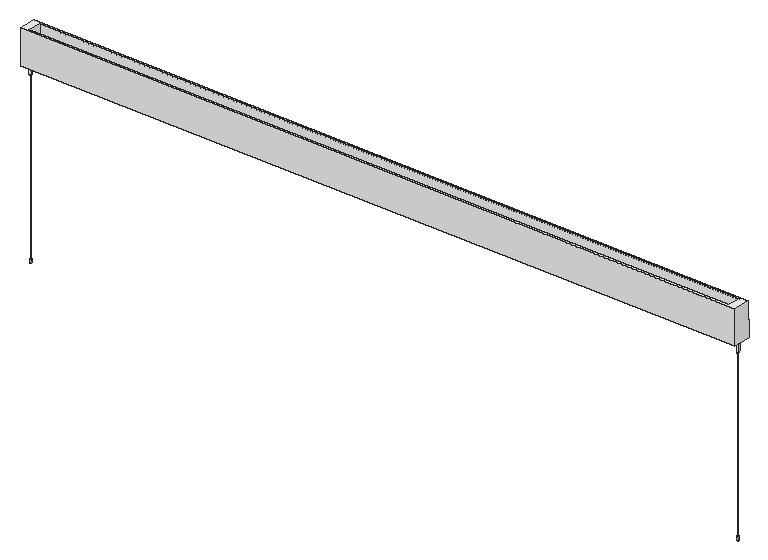
Revit family "2L-P-D", category Lighting Fixtures, host Face, Revit 2021
Family settings
  Host = Face
  Round Connector Dimension = Use Diameter
  Part Type = Normal
  OmniClass Number = 23.80.70.11.14.17
  OmniClass Title = Direct/Indirect
  Cut with Voids When Loaded = No
  Light Source = Yes
  Shared = Yes
  Room Calculation Point = No
Parameters (values of type "2L-P-D-08")
  Watts = 12.1 W
  Wattage Comments = "Variable Intensity technology provides specifiable lumen output/wattage"  # constant formula
  Wattage = 12.2 W
  Warranty = "5 years Warranty"  # constant formula
  built-in parameter 1150110 = 1 (stored number, unit not read)
  Voltage = 120 V
  Uplight distribution = "Standard"
  URL = "https://www.currentlighting.com/litecontrol"
  built-in parameter 1114217 = 1 (stored number, unit not read)
  Tilt Angle = 90.00°  # constant formula
  built-in parameter 1150109 = 1 (stored number, unit not read)
  built-in parameter 1150134 = (empty or 0)
  built-in parameter 1150113 = 1 (stored number, unit not read)
  Reflector Finish = White Glass
  Product Link = ""
  Product Documentation Link = ""
  Power Factor = 1
  Photometric Web File = "2L-P-AD-4-ASYM-X-CX-35K-D030.ies"
  Pendent Height [instance] = 24"
  Model = "2L-P-D"  # constant formula
  Max Length in Row = 2L-P : 08
  Manufacturer = "Litecontrol"  # constant formula
  built-in parameter 1150105 = 87.376 (stored number, unit not read)
  Lumens = 1098 lm
  built-in parameter 1150115 = 1 (stored number, unit not read)
  Load Classification = Lighting
  built-in parameter 1150137 = (empty or 0)
  built-in parameter 1150139 = (empty or 0)
  built-in parameter 1150112 = 1 (stored number, unit not read)
  built-in parameter 1150114 = 1 (stored number, unit not read)
  Lamp = "LED"  # constant formula
  built-in parameter 1150132 = (empty or 0)
  built-in parameter 1150102 = (empty or 0)
  built-in parameter 1150107 = 3500 (stored number, unit not read)
  built-in parameter 1150138 = (empty or 0)
  built-in parameter 1150106 = 0.87376 (stored number, unit not read)
  Housing Material = Paint - Matte White
  Emit from Rectangle Width = 2"  # constant formula
  Emit from Rectangle Length = 24"  # constant formula
  Emit Shape Visible in Rendering = no
  built-in parameter 1150104 = 8.3613 (stored number, unit not read)
  Fixture distribution = "Direct"  # constant formula
  Dimming Lamp Color Temperature Shift = <None>
  Description = "MOD 2 LED Pendant Direct"  # constant formula
  Default Elevation = 48"
  Copyright = "Copyright © Litecontrol"  # constant formula
  Contact = ""
  Connector Description = "Lighting Connector"  # constant formula
  Color Filter = 16777215
  built-in parameter 1114218 = 1 (stored number, unit not read)
  built-in parameter 1150133 = 10 (stored number, unit not read)
  Assembly Code = "D5020200"
  Apparent Load = Watts / Power Factor  # 12.1 VA
Types (7): name | Max Length in Row
  (no name) | 2L-P : 08
  2L-P-D-02 | 2L-P : 02
  2L-P-D-03 | 2L-P : 03
  2L-P-D-04 | 2L-P : 04
  2L-P-D-05 | 2L-P : 05
  2L-P-D-06 | 2L-P : 06
  2L-P-D-08 | 2L-P : 08
Reference planes (in)
  plane 1 "Center (Front/Back)": y = 0
  plane 2: z = 0
  plane 3 "Center (Left/Right)": x = 0
  plane 4: z = 24
  plane 5: z = 27.5
Dimensions and locks (in)
  "Pendent Height": plane 4 to plane 2
  locked: plane 5 to plane 4 at 3.5
  aligned and locked: plane 2 to host face
  aligned and locked: level to host face
  aligned and locked: plane 1 "Center (Front/Back)" to nested 1
  aligned and locked: plane 3 "Center (Left/Right)" to nested 1
  aligned and locked: plane 5 to imposter light
Automatic sketch dimensions
  host sketch curve to host sketch curve = 96"  (x2)
Nested families (in)
  nested 1: "2L-P" at (0, 0, 0), type <- "Max Length in Row", Pendent Height <- "Pendent Height", type "08"
    with Pendent Height 24", Length 96"
Connectors (in)
  electrical at (0, 0, 24), driven by "Load Classification", driven by "Voltage", driven by "Apparent Load", driven by "Power Factor", driven by "Connector Description"
    settings: on nested 1, index 1, voltage 120 V, apparent load 12.1 VA, apparent load phase1 0 VA, apparent load phase2 0 VA, apparent load phase3 0 VA, power factor 1, load classification "Lighting", number of poles 1, system type 30, power factor state 1, is connector primary yes, connector utility no, sub classification motor no, connector description "Lighting Connector"
Definition of nested family "2L-P"
  Parameters
    Width = 2.2"  # constant formula
    Wattage Comments = ""
    URL = ""
    Reflector Finish = none
    Pendent Height [instance] = 12"
    Pendant Material = none
    Model = ""
    Manufacturer = ""
    Load Classification = none
    Length = 60"
    Lamp = ""
    Height = 4 1/2"  # constant formula
    Description = ""
    Default Elevation = 48"
    Apparent Load = 0 VA  # constant formula
  Reference planes (in)
    plane 1 "Center (Front/Back)": y = 0
    plane 2: z = 0
    plane 3 "Center (Left/Right)": x = 0
    plane 4: x = -30
    plane 5: x = 30
    plane 6: y = -1.1
    plane 7: y = 1.1
    plane 8: z = 12
    plane 9: z = 16.25
    plane 10: x = 29.5
    plane 11: x = -29.5
    plane 12: z = 16.375
    plane 13: z = 16.25
    plane 14: z = 16.5
    plane 15: y = 0.85
    plane 16: y = -0.85
    plane 17: z = 12.125
    plane 18: y = 0.6
    plane 19: y = -0.6
    plane 20: x = -29
    plane 21: x = 29
  Forms (in)
    Extrusion 1, solid
      sketch origin (0, 0, 0) x (1, 0, 0) y (0, 1, 0)
        loop
          line (-48, 48) -> (-48, -48) -> (48, -48) -> (48, 48) -> (-48, 48)
      from 0 to -1.25
    Extrusion 2, solid, material <- "Pendant Material"
      sketch origin (-47.9375, 0, 0) x (0, 1, 0) y (0, 0, -1)
        loop
          line (1.1, -12) -> (-1.1, -12) -> (-1.1, -16.5) -> (1.1, -16.5) -> (1.1, -12)
      from -77.9375 to -17.9375
    Revolve 3, solid, material <- "Pendant Material"
      sketch origin (0, 0, 0) x (1, 0, 0) y (0, 0, 1)
        loop
          line (-29.5, 12) -> (-29.5, 0) -> (-29.40361, 0) -> (-29.40361, 0.42177) -> (-29.47196, 0.42177) -> (-29.47196, 10.57698) -> (-29.41672, 10.57698) -> (-29.41672, 10.7519) -> (-29.34307, 10.7519) -> (-29.34307, 12) -> (-29.5, 12)
        axis (-29.5, 12) -> (-29.5, 0)
      angle from 0 to 360
    Revolve 4, solid, material <- "Pendant Material"
      sketch origin (0, 0, 0) x (-1, 0, 0) y (0, 0, -1)
        loop
          line (-29.5, -12) -> (-29.34307, -12) -> (-29.34307, -10.7519) -> (-29.41672, -10.7519) -> (-29.41672, -10.57698) -> (-29.47196, -10.57698) -> (-29.47196, -0.42177) -> (-29.40361, -0.42177) -> (-29.40361, 0) -> (-29.5, 0) -> (-29.5, -12)
        axis (-29.5, -12) -> (-29.5, 0)
      angle from 0 to 360
    Extrusion 5, void
      sketch origin (0, 0, 0) x (0, 1, 0) y (0, 0, 1)
        loop
          line (0.85, 16.5) -> (-0.85, 16.5) -> (-0.85, 12.125) -> (-0.6, 12.125) -> (-0.6, 12) -> (0.6, 12) -> (0.6, 12.125) -> (0.85, 12.125) -> (0.85, 16.5)
      from -29 to 29
    Extrusion 6, solid, material <- "Reflector Finish"
      sketch origin (0, 0, 0) x (0, 1, 0) y (0, 0, 1)
        loop
          line (0.85, 16.375) -> (-0.85, 16.375) -> (-0.85, 12.125) -> (0.85, 12.125) -> (0.85, 16.375)
      from -29 to 29
  Cuts and joins
    Extrusion 5 cuts Extrusion 2
  Dimensions and locks (in)
    equal spacing: plane 4, plane 3 "Center (Left/Right)", plane 5
    "Length": plane 4 to plane 5
    equal spacing: plane 6, plane 1 "Center (Front/Back)", plane 7
    "Width": plane 7 to plane 6
    "Pendent Height": plane 8 to plane 2
    locked: plane 4 to plane 11 at 0.5
    locked: plane 10 to plane 5 at 0.5
    locked: plane 12 to plane 13 at 0.125
    "Height": plane 14 to plane 8
    locked: plane 14 to plane 12 at 0.125
    locked: plane 12 to plane 9 at 0.125
    locked: plane 7 to plane 15 at 0.25
    locked: plane 16 to plane 6 at 0.25
    locked: plane 17 to plane 8 at 0.125
    locked: plane 7 to plane 18 at 0.5
    locked: plane 19 to plane 6 at 0.5
    locked: plane 4 to plane 20 at 1
    locked: plane 21 to plane 5 at 1
    aligned and locked: plane 2 to Extrusion 1
    aligned and locked: level to Extrusion 1
    aligned and locked: Extrusion 2 sketch curve to plane 8
    aligned and locked: Extrusion 2 sketch curve to plane 6
    aligned and locked: Extrusion 2 sketch curve to plane 7
    aligned and locked: Extrusion 2 to plane 4
    aligned and locked: plane 5 to Extrusion 2
    aligned and locked: Extrusion 5 sketch curve to plane 15
    aligned and locked: plane 16 to Extrusion 5 sketch curve
    aligned and locked: Extrusion 5 sketch curve to plane 17
    aligned and locked: Extrusion 5 sketch curve to plane 14
    aligned and locked: Extrusion 5 sketch curve to plane 18
    aligned and locked: Extrusion 5 sketch curve to plane 19
    aligned and locked: Extrusion 5 sketch curve to plane 8
    aligned and locked: Extrusion 5 to plane 20
    aligned and locked: Extrusion 5 to plane 21
    aligned and locked: plane 12 to Extrusion 6 sketch curve
    aligned and locked: Extrusion 6 sketch curve to cut or joined group of Extrusion 2, Extrusion 5  (x2)
    aligned and locked: cut or joined group of Extrusion 2, Extrusion 5 to Extrusion 6 sketch curve
    aligned and locked: Extrusion 6 to cut or joined group of Extrusion 2, Extrusion 5  (x2)
  Automatic sketch dimensions
    Extrusion 1 sketch curve to Extrusion 1 sketch curve = 96"  (x2)
    Revolve 3 sketch curve to level = 0"
    Revolve 3 sketch curve to plane 11 = 0"  (x2)
    Revolve 3 sketch curve to plane 8 = 0"
    plane 11 to Revolve 3 sketch curve = 0.09639"
    level to Revolve 3 sketch curve = 0.42177"
    plane 11 to Revolve 3 sketch curve = 0.02804"
    Revolve 3 sketch curve to Revolve 3 sketch curve = 0.05524"
    Revolve 3 sketch curve to Revolve 3 sketch curve = 0.07365"
    Revolve 3 sketch curve to plane 8 = 1.42302"
    Revolve 3 sketch curve to Revolve 3 sketch curve = 0.17493"
    Revolve 3 sketch curve to Revolve 3 sketch curve = 9.16755"
    Revolve 4 sketch curve to level = 0"
    plane 10 to Revolve 4 sketch curve = 0"
    Revolve 4 sketch curve to plane 8 = 0"
    plane 10 to Revolve 4 sketch curve = 0.15693"
    Revolve 4 sketch curve to plane 8 = 1.2481"
    Revolve 4 sketch curve to plane 10 = 0"
    plane 10 to Revolve 4 sketch curve = 0.02804"
    Revolve 4 sketch curve to Revolve 4 sketch curve = 0.05524"
    Revolve 4 sketch curve to Revolve 4 sketch curve = 0.09639"
    Revolve 4 sketch curve to Revolve 4 sketch curve = 0.17493"
    level to Revolve 4 sketch curve = 0.42177"
    Revolve 4 sketch curve to Revolve 4 sketch curve = 9.16755"
    plane 12 to Extrusion 2 sketch curve = 1/8"
    plane 12 to Revolve 3 sketch curve = 85.65997"
    plane 12 to Revolve 4 sketch curve = 85.65997"
    plane 17 to Extrusion 5 sketch curve = 0"
